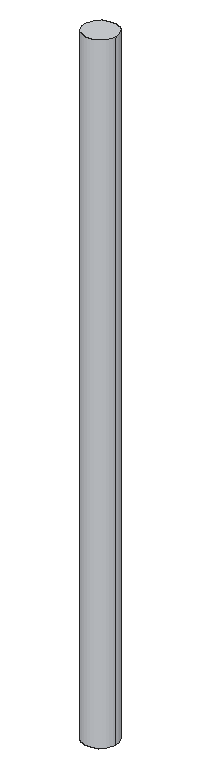
Revit family "桩基001", category 结构基础, Revit 2020
Family settings
  用于模型行为的材质 = 其他
  管帽 = 否
  OmniClass 编号 = 23.25.05.00
  OmniClass 标题 = Foundations
  基于工作平面 = 否
  总是垂直 = 是
  加载时剪切的空心 = 否
  共享 = 否
Parameters
  长度 = 400 mm
  桩基高度 [instance] = 6000 mm
  桩基直径 [instance] = 300 mm
  宽度 = 400 mm
Reference planes
  plane 1 "中心(前/后)": y = 0
  plane 2: z = 0
  plane 3 "中心(左/右)": x = 0
  plane 4: z = -6000
Forms (mm)
  Extrusion 1, solid
    sketch origin (0, 0, 0) x (1, 0, 0) y (0, 1, 0)
      loop
        circle (0, 0) r 150
    from 0 to -6000
Dimensions and locks
  "桩基高度": Extrusion 1 to Extrusion 1
  "桩基直径": diameter of Extrusion 1 sketch curve
  aligned and locked: plane 2 to level
  aligned and locked: level to Extrusion 1
  aligned and locked: Extrusion 1 to plane 4
Automatic sketch dimensions
  plane 1 "中心(前/后)" to Extrusion 1 sketch curve = 0 mm
  Extrusion 1 sketch curve to plane 3 "中心(左/右)" = 0 mm
